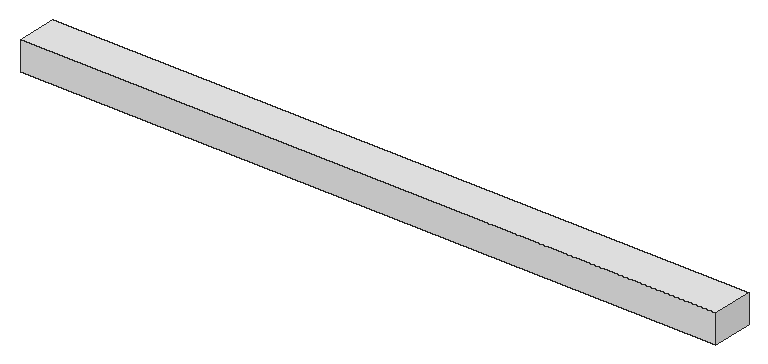
Revit family "Lighting-Surface-Acclaim-Flex Graze Spectrum", category Lighting Fixtures, host Face, Revit 2023
Family settings
  Host = Face
  Round Connector Dimension = Use Diameter
  Part Type = Normal
  Cut with Voids When Loaded = No
  Light Source = Yes
  Maintain Annotation Orientation = No
  Shared = No
  Room Calculation Point = No
Parameters
  Width = 1.38"
  Wattage = 9.2903 W
  built-in parameter 1150110 = 1 (stored number, unit not read)
  Voltage = 0 V
  URL = "http://www.acclaimlighting.com/"
  built-in parameter 1114217 = 1 (stored number, unit not read)
  Tilt Angle = 90.00°
  built-in parameter 1150109 = 1 (stored number, unit not read)
  built-in parameter 1150134 = 3
  built-in parameter 1150113 = 1 (stored number, unit not read)
  Power Factor = 1
  Photometric Web File = "Load File"
  Number of Poles = 1
  built-in parameter 1150142 = (empty or 0)
  Model = "Flex Graze Spectrum"
  Manufacturer = "Acclaim Lighting"
  built-in parameter 1150105 = 109.82 (stored number, unit not read)
  Lumens = 1380 lm
  built-in parameter 1150115 = 1 (stored number, unit not read)
  built-in parameter 1150137 = (empty or 0)
  built-in parameter 1150139 = (empty or 0)
  Length = 24.00"
  built-in parameter 1150112 = 1 (stored number, unit not read)
  built-in parameter 1150114 = 1 (stored number, unit not read)
  Lamp = "LED"
  built-in parameter 1150132 = (empty or 0)
  built-in parameter 1150102 = (empty or 0)
  built-in parameter 1150107 = 3200 (stored number, unit not read)
  built-in parameter 1150138 = (empty or 0)
  built-in parameter 1150106 = 1.0982 (stored number, unit not read)
  Housing Finish = Aluminum
  Height = 0.98"
  Emit from Line Length = Length  # 24.00"
  built-in parameter 1150104 = 13.8 (stored number, unit not read)
  Dimming Lamp Color Temperature Shift = <None>
  Description = "Linear LED Strip"
  Default Elevation = 48.00"
  Color Filter = 16777215
  built-in parameter 1114218 = 1 (stored number, unit not read)
  built-in parameter 1150133 = 10 (stored number, unit not read)
  Apparent Load = 0 VA
Reference planes (in)
  plane 1 "Center (Front/Back)": y = 0
  plane 2: z = 0
  plane 3 "Center (Left/Right)": x = 0
  plane 4: z = 0.98
  plane 5: y = 0.69
  plane 6: y = -0.69
  plane 7: x = -12
  plane 8: x = 12
Forms (in)
  Extrusion 1, solid, material "Aluminum"
    sketch origin (0, 0, 0) x (1, 0, 0) y (0, 1, 0)
      loop
        line (-12, 0.69) -> (-12, -0.69) -> (12, -0.69) -> (12, 0.69) -> (-12, 0.69)
    from 0 to 0.98
Dimensions and locks (in)
  equal spacing: plane 5, plane 1 "Center (Front/Back)", plane 6
  "Width": plane 5 to plane 6
  equal spacing: plane 7, plane 3 "Center (Left/Right)", plane 8
  "Length": plane 7 to plane 8
  "Height": plane 4 to host face
  aligned and locked: plane 2 to host face
  aligned and locked: level to host face
  aligned and locked: plane 5 to Extrusion 1 sketch curve
  aligned and locked: plane 7 to Extrusion 1 sketch curve
  aligned and locked: Extrusion 1 sketch curve to plane 6
  aligned and locked: Extrusion 1 sketch curve to plane 8
  aligned and locked: plane 4 to Extrusion 1
  aligned and locked: imposter light to plane 4
Automatic sketch dimensions
  host sketch curve to host sketch curve = 96.00"  (x2)
Connectors (in)
  electrical at (12, 0, 0.49), driven by "Number of Poles", driven by "Voltage", driven by "Apparent Load", driven by "Power Factor"
    settings: on Extrusion 1, index 1, voltage 0 V, apparent load 0 VA, apparent load phase1 0 VA, apparent load phase2 0 VA, apparent load phase3 0 VA, power factor 1, load classification "Other", number of poles 1, system type 31, power factor state 1, is connector primary yes, connector utility no, sub classification motor no, connector description "Power"
